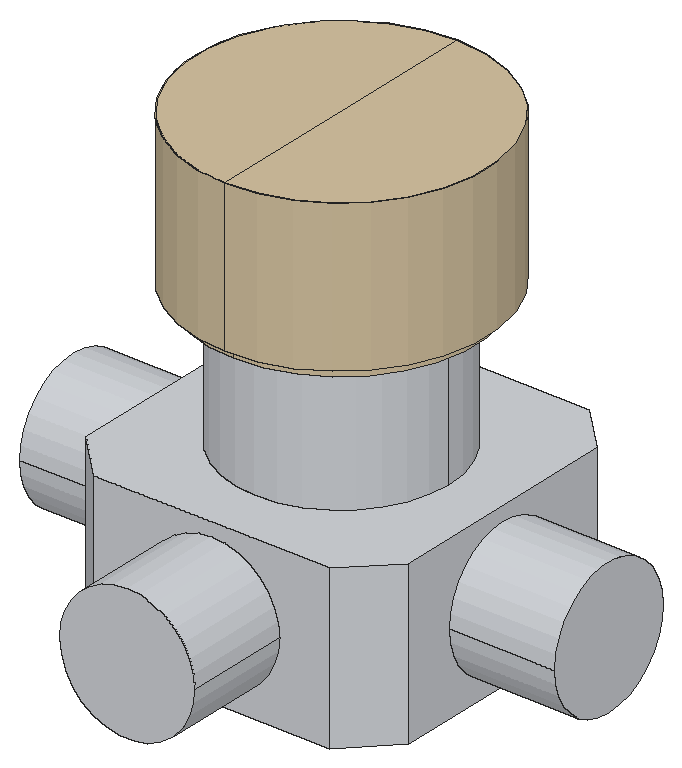
Revit family "Reece_Tap_Milli_Pure_Diverter_Wall Mount_Linear Texture", category Plumbing Fixtures, host Face, Revit 2018
Family settings
  Host = Face
  Round Connector Dimension = Use Diameter
  Part Type = Normal
  Cut with Voids When Loaded = No
  Shared = Yes
  Room Calculation Point = Yes
Parameters (values of type "PVD Brushed Gold")
  WFU = 0  # constant formula
  URL = "https://www.reece.com.au/product/-9510931"
  Type Comments = "Tap"
  Reece_Tap_Inlet = 12 mm  # constant formula
  Reece_Product_Web Page = "https://www.reece.com.au/product/-9510931"
  Reece_Product_Type = "Tap"  # constant formula
  Reece_Product_Sub Brand = "Pure"  # constant formula
  Reece_Product_Number = "9510931"
  Reece_Product_Mount = "Wall Mounted"
  Reece_Product_Description = "Milli Pure Diverter with Linear Textured Handle PVD Brushed Gold"
  Reece_Product_Brand = "Milli"  # constant formula
  Reece_Overall_Width = 54 mm  # constant formula
  Reece_Overall_Height = 30 mm  # constant formula
  Reece_Material_Secondary = Reece_PVD_Brushed Gold_Linear Pattern
  Reece_Material-Main = Reece_PVD_Brushed Gold
  Reece_Detail_Tap_Handle Texture = "Linear Texture"  # constant formula
  Reece_Detail_Installation = ""
  Reece_Detail_Disclaimer = "THIS FILE IS THE PROPERTY OF THE REECE GROUP. IT MAY NOT BE REPRODUCED, REVERSE-ENGINEERED OR MODIFIED. ANY REPUBLICATION, TRANSMISSION OR DISTRIBUTION FOR THE PURPOSE OF COMMERCIALLY EXPLOITING THE FILES IS PROHIBITED."  # constant formula
  Reece_Detail_Connector = ""
  Reece_Detail_Additional = ""
  Reece_3D Texture = no
  Reece_3D Simplified Geometry = not(Reece_3D Texture)  # yes
  Model = "Pure"
  Manufacturer = "Milli"
  Keynote = "Product #9510931, Reece_Tap_Milli_Pure_Diverter_Wall Mount_Linear Texture - PVD Brushed Gold"
  HWFU = 0  # constant formula
  Disclaimer = "THIS FILE IS THE PROPERTY OF THE REECE GROUP. IT MAY NOT BE REPRODUCED, REVERSE-ENGINEERED OR MODIFIED. ANY REPUBLICATION, TRANSMISSION OR DISTRIBUTION FOR THE PURPOSE OF COMMERCIALLY EXPLOITING THE FILES IS PROHIBITED."  # constant formula
  Description = "Milli Pure Diverter with Linear Textured Handle PVD Brushed Gold"
  Default Elevation = 1000 mm
  CWFU = 0  # constant formula
Types (7, lengths in mm): name | URL | Reece_Product_Web Page | Reece_Product_Number | Reece_Product_Description | Reece_Material_Secondary | Reece_Material-Main | Keynote | Description
  (no name) | "https://www.reece.com.au/product/-2263505" | "https://www.reece.com.au/product/-2263505" | "2263505" | "Milli Pure Diverter with Linear Textured Handle Brushed Gunmetal" | Reece_Brass_Brushed Gunmetal_Linear Pattern | Reece_Brass_Brushed Gunmetal | "Product #2263505, Reece_Tap_Milli_Pure_Diverter_Wall Mount_Linear Texture -  " | "Milli Pure Diverter with Linear Textured Handle Brushed Gunmetal"
  Brushed Gunmetal | "https://www.reece.com.au/product/-2263505" | "https://www.reece.com.au/product/-2263505" | "2263505" | "Milli Pure Diverter with Linear Textured Handle Brushed Gunmetal" | Reece_Brass_Brushed Gunmetal_Linear Pattern | Reece_Brass_Brushed Gunmetal | "Product #2263505, Reece_Tap_Milli_Pure_Diverter_Wall Mount_Linear Texture - Brushed Gunmetal" | "Milli Pure Diverter with Linear Textured Handle Brushed Gunmetal"
  Chrome | "https://www.reece.com.au/product/-2263503" | "https://www.reece.com.au/product/-2263503" | "2263503" | "Milli Pure Diverter with Linear Textured Handle Chrome" | Reece_Brass_Chrome_Linear Pattern | Reece_Brass_Chrome | "Product #2263503, Reece_Tap_Milli_Pure_Diverter_Wall Mount_Linear Texture - Chrome" | "Milli Pure Diverter with Linear Textured Handle Chrome"
  Matte Black | "https://www.reece.com.au/product/-2263506" | "https://www.reece.com.au/product/-2263506" | "2263506" | "Milli Pure Diverter with Linear Textured Handle Matte Black" | Reece_Brass_Matte Black_Linear Pattern | Reece_Brass_Matte Black | "Product #2263506, Reece_Tap_Milli_Pure_Diverter_Wall Mount_Linear Texture - Matte Black" | "Milli Pure Diverter with Linear Textured Handle Matte Black"
  Brushed Nickel | "https://www.reece.com.au/product/-2263504" | "https://www.reece.com.au/product/-2263504" | "2263504" | "Milli Pure Diverter with Linear Textured Handle Brushed Nickel" | Reece_Brass_Brushed Nickel_Linear Pattern | Reece_Brass_Brushed Nickel | "Product #2263504, Reece_Tap_Milli_Pure_Diverter_Wall Mount_Linear Texture - Brushed Nickel" | "Milli Pure Diverter with Linear Textured Handle Brushed Nickel"
  PVD Brushed Bronze | "https://www.reece.com.au/product/-9511116" | "https://www.reece.com.au/product/-9511116" | "9511116" | "Milli Pure Diverter with Linear Textured Handle PVD Brushed Bronze" | Reece_PVD_Brushed Bronze_Linear Pattern | Reece_PVD_Brushed Bronze | "Product #9511116, Reece_Tap_Milli_Pure_Diverter_Wall Mount_Linear Texture - PVD Brushed Bronze" | "Milli Pure Diverter with Linear Textured Handle PVD Brushed Bronze"
  PVD Brushed Gold | "https://www.reece.com.au/product/-9510931" | "https://www.reece.com.au/product/-9510931" | "9510931" | "Milli Pure Diverter with Linear Textured Handle PVD Brushed Gold" | Reece_PVD_Brushed Gold_Linear Pattern | Reece_PVD_Brushed Gold | "Product #9510931, Reece_Tap_Milli_Pure_Diverter_Wall Mount_Linear Texture - PVD Brushed Gold" | "Milli Pure Diverter with Linear Textured Handle PVD Brushed Gold"
Reference planes
  plane 1 "Center (Front/Back)": y = 0
  plane 2 "Bottom": z = 0
  plane 3 "Center (Left/Right)": x = 0
  plane 4 "Top": z = 30
  plane 5: y = -27
  plane 6: y = 27
Forms (mm)
  Extrusion 1, solid
    sketch origin (-50, 0, 0) x (1, 0, 0) y (0, 1, 0)
      loop
        circle (50, 0) r 20
    from 0 to -25
  Extrusion 2, solid
    sketch origin (-50, 0, 0) x (1, 0, 0) y (0, 1, 0)
      loop
        line (28.147, 30) -> (20, 21.853) -> (20, -21.853) -> (28.147, -30) -> (71.853, -30) -> (80, -21.853) -> (80, 21.853) -> (71.853, 30) -> (28.147, 30)
    from -55 to -25
  Extrusion 3, solid
    sketch origin (-16.5, 50, 0) x (0, -1, 0) y (0, 0, 1)
      loop
        circle (50, -40) r 12.5
    from -66.119 to -46.5
  Extrusion 4, void
    sketch origin (50, 0, 0) x (-1, 0, 0) y (0, -1, 0)
      loop
        circle (50, 0) r 25
    from 0 to -30
  Extrusion 5, solid
    sketch origin (16.5, 50, 0) x (0, -1, 0) y (0, 0, -1)
      loop
        circle (50, 40) r 12.5
    from -66.119 to -46.5
  Extrusion 6, solid
    sketch origin (-50, 16.5, 0) x (1, 0, 0) y (0, 0, -1)
      loop
        circle (50, 40) r 12.5
    from -66.119 to -46.5
Cuts and joins
  Extrusion 4 cuts Extrusion 3
  joined: Extrusion 1, Extrusion 2, Extrusion 3, Extrusion 5, Extrusion 6
Text (mm)
  text "Reece Copyright © 2018, Reece Ltd." at (-1146.244, -273.583, 0), in view "Ref. Level"
  text "Reece ©" at (19.63, 197.846, 155.994), in view "Reece Preview"
Dimensions and locks
  "Reece_Overall_Width": plane 6 to plane 5
  "Reece_Overall_Height": plane 4 "Top" to plane 2 "Bottom"
  aligned and locked: plane 2 "Bottom" to host face
  aligned and locked: level to host face
Automatic sketch dimensions
  host sketch curve to host sketch curve = 380.785 mm
  host sketch curve to host sketch curve = 317.421 mm
  Extrusion 1 sketch curve to Extrusion 1 sketch curve = 0 mm  (x2)
  plane 1 "Center (Front/Back)" to Extrusion 1 sketch curve = 0 mm
  Extrusion 1 sketch curve to plane 3 "Center (Left/Right)" = 0 mm
  Extrusion 1 sketch curve to plane 3 "Center (Left/Right)" = 20 mm
  Extrusion 2 sketch curve to plane 5 = 5.147 mm  (x2)
  Extrusion 2 sketch curve to plane 3 "Center (Left/Right)" = 30 mm
  plane 6 to Extrusion 2 sketch curve = 3 mm
  Extrusion 2 sketch curve to Extrusion 2 sketch curve = 8.147 mm  (x3)
  plane 5 to Extrusion 2 sketch curve = 3 mm
  plane 3 "Center (Left/Right)" to Extrusion 2 sketch curve = 21.853 mm  (x2)
  Extrusion 2 sketch curve to plane 6 = 5.147 mm  (x2)
  Extrusion 3 sketch curve to plane 1 "Center (Front/Back)" = 0 mm
  Extrusion 3 sketch curve to level = 40 mm
  Extrusion 4 sketch curve to Extrusion 4 sketch curve = 0 mm  (x2)
  plane 1 "Center (Front/Back)" to Extrusion 4 sketch curve = 0 mm
  Extrusion 4 sketch curve to plane 3 "Center (Left/Right)" = 0 mm
  Extrusion 4 sketch curve to Extrusion 4 sketch curve = 25 mm
  Extrusion 5 sketch curve to plane 1 "Center (Front/Back)" = 0 mm
  Extrusion 5 sketch curve to level = 40 mm
  Extrusion 6 sketch curve to plane 3 "Center (Left/Right)" = 0 mm
  Extrusion 6 sketch curve to level = 40 mm
  radius of Extrusion 3 sketch curve = 12.5 mm
  radius of Extrusion 5 sketch curve = 12.5 mm
  radius of Extrusion 6 sketch curve = 12.5 mm
Nested families
  nested 1: "Reece_Tap_Milli_Pure_Diverter_Linear Texture_Cap_54mm" at (0, 0, 0), visible <- "Reece_3D Texture", Reece_Material-Main <- "Reece_Material-Main", Reece_Material_Secondary <- "Reece_Material_Secondary", type "54mm x 30mm"
    with Reece_Material_Secondary Reece_PVD_Brushed Gold_Linear Pattern, Reece_Material-Main Reece_PVD_Brushed Gold
  nested 2: "Reece_Tap_Milli_Pure_Diverter_Texture_Main_Nested" at (0, 0, 0), visible <- "Reece_3D Simplified Geometry", Reece_Material-Main <- "Reece_Material-Main", Reece_Material_Secondary <- "Reece_Material_Secondary", type "54mm x 30mm"
    with Reece_Material_Secondary Reece_PVD_Brushed Gold_Linear Pattern, Reece_Material-Main Reece_PVD_Brushed Gold
Connectors
  piping at (49.619, 0, -40), diameter 12, driven by "Reece_Tap_Inlet"
    settings: on cut or joined group of Extrusion 1, Extrusion 2, Extrusion 3, Extrusion 4, Extrusion 5, Extrusion 6, index 2, connector inside diameter 609.6 mm, connector length 0 mm, flow factor 0, pipe flow 0.0 L/s, pressure drop 0.0 Pa, fitting loss kfactor 0, connector angle 0.00°, fixture units 0, engagement length 0 mm, angle of deflection 0.00°, flow configuration 0, flow direction 2, fitting loss method 0, system type 29, joint type 0, gender type 0, connector reference index -1, connector utility 0, adjustable connector no, is connector primary yes, connector description ""
  piping at (-49.619, 0, -40), diameter 12, driven by "Reece_Tap_Inlet"
    settings: on Extrusion 5, index 3, connector inside diameter 609.6 mm, connector length 0 mm, flow factor 0, pipe flow 0.0 L/s, pressure drop 0.0 Pa, fitting loss kfactor 0, connector angle 0.00°, fixture units 0, engagement length 0 mm, angle of deflection 0.00°, flow configuration 0, flow direction 2, fitting loss method 0, system type 29, joint type 0, gender type 0, connector reference index -1, connector utility 0, adjustable connector no, is connector primary no, connector description ""
  piping at (0, -49.619, -40), diameter 12, driven by "Reece_Tap_Inlet"
    settings: on Extrusion 6, index 4, connector inside diameter 609.6 mm, connector length 0 mm, flow factor 0, pipe flow 0.0 L/s, pressure drop 0.0 Pa, fitting loss kfactor 0, connector angle 0.00°, fixture units 0, engagement length 0 mm, angle of deflection 0.00°, flow configuration 0, flow direction 1, fitting loss method 0, system type 29, joint type 0, gender type 0, connector reference index -1, connector utility 0, adjustable connector no, is connector primary no, connector description ""
Definition of nested family "Reece_Tap_Milli_Pure_Diverter_Linear Texture_Cap_54mm"
  Parameters (values of type "54mm x 30mm")
    WFU = 0  # constant formula
    Reece_Overall_Width = 54 mm
    Reece_Overall_Height = 30 mm  # constant formula
    Reece_Material_Secondary [instance] = none
    Reece_Material-Main [instance] = none
    Reece_Detail_Installation = ""
    Reece_Detail_Connector = ""
    Reece_Detail_Additional = ""
    HWFU = 0  # constant formula
    Default Elevation = 1000 mm
    CWFU = 0  # constant formula
  Reference planes
    plane 1 "Center (Front/Back)": y = 0
    plane 2 "Bottom": z = 0
    plane 3 "Center (Left/Right)": x = 0
    plane 4: y = -27
    plane 5: y = 27
    plane 6: z = 30
    plane 7: y = -25
    plane 8: y = 25
  Forms (mm)
    Extrusion 1, solid
      sketch origin (619.2, -619.2, 0) x (1, 0, 0) y (0, 1, 0)
        loop
          line (-809.2, 779.2) -> (-809.2, 461.779) -> (-428.415, 461.779) -> (-428.415, 779.2) -> (-809.2, 779.2)
      from 0 to -9.564
    Revolve 2, solid, material <- "Reece_Material-Main"
      sketch origin (0, 0, -140.292) x (0, 1, 0) y (0, 0, 1)
        loop
          line (0, 148.292) -> (-27, 148.292) -> (-27, 142.292) -> (-25, 142.292) -> (-25, 140.292) -> (-23, 140.292) -> (-23, 144.803) -> (0, 144.803) -> (0, 148.292)
        axis (0, 140.292) -> (0, 148.292)
      angle from 0 to 360
    Extrusion 3, solid, material <- "Reece_Material-Main"
      sketch origin (300, 0, 0) x (1, 0, 0) y (0, 1, 0)
        loop
          arc (-300.346, 25.998) -> (-301.404, 26.964) -> (-302.355, 25.893) r 1.006
          arc (-302.355, 25.893) -> (-303.484, 26.774) -> (-304.35, 25.633) r 1.006
          arc (-304.35, 25.633) -> (-305.544, 26.425) -> (-306.32, 25.22) r 1.006
          arc (-306.32, 25.22) -> (-307.571, 25.917) -> (-308.251, 24.656) r 1.006
          arc (-308.251, 24.656) -> (-309.553, 25.254) -> (-310.133, 23.944) r 1.006
          arc (-310.133, 23.944) -> (-311.477, 24.439) -> (-311.954, 23.089) r 1.006
          arc (-311.954, 23.089) -> (-313.332, 23.479) -> (-313.704, 22.095) r 1.006
          arc (-313.704, 22.095) -> (-315.108, 22.377) -> (-315.371, 20.97) r 1.006
          arc (-315.371, 20.97) -> (-316.793, 21.142) -> (-316.947, 19.718) r 1.006
          arc (-316.947, 19.718) -> (-318.378, 19.78) -> (-318.421, 18.349) r 1.006
          arc (-318.421, 18.349) -> (-319.852, 18.3) -> (-319.785, 16.869) r 1.006
          arc (-319.785, 16.869) -> (-321.208, 16.71) -> (-321.03, 15.289) r 1.006
          arc (-321.03, 15.289) -> (-322.437, 15.02) -> (-322.149, 13.617) r 1.006
          arc (-322.149, 13.617) -> (-323.531, 13.24) -> (-323.136, 11.863) r 1.006
          arc (-323.136, 11.863) -> (-324.484, 11.381) -> (-323.984, 10.039) r 1.006
          arc (-323.984, 10.039) -> (-325.291, 9.453) -> (-324.688, 8.154) r 1.006
          arc (-324.688, 8.154) -> (-325.946, 7.469) -> (-325.245, 6.22) r 1.006
          arc (-325.245, 6.22) -> (-326.446, 5.44) -> (-325.65, 4.25) r 1.006
          arc (-325.65, 4.25) -> (-326.788, 3.379) -> (-325.902, 2.253) r 1.006
          arc (-325.902, 2.253) -> (-326.969, 1.298) -> (-325.999, 0.244) r 1.006
          arc (-325.999, 0.244) -> (-326.988, -0.792) -> (-325.94, -1.767) r 1.006
          arc (-325.94, -1.767) -> (-326.846, -2.876) -> (-325.726, -3.768) r 1.006
          arc (-325.726, -3.768) -> (-326.544, -4.944) -> (-325.357, -5.746) r 1.006
          arc (-325.357, -5.746) -> (-326.082, -6.982) -> (-324.837, -7.69) r 1.006
          arc (-324.837, -7.69) -> (-325.464, -8.978) -> (-324.168, -9.587) r 1.006
          arc (-324.168, -9.587) -> (-324.693, -10.92) -> (-323.354, -11.427) r 1.006
          arc (-323.354, -11.427) -> (-323.775, -12.797) -> (-322.4, -13.199) r 1.006
          arc (-322.4, -13.199) -> (-322.714, -14.597) -> (-321.313, -14.892) r 1.006
          arc (-321.313, -14.892) -> (-321.518, -16.309) -> (-320.097, -16.495) r 1.006
          arc (-320.097, -16.495) -> (-320.192, -17.925) -> (-318.762, -18) r 1.006
          arc (-318.762, -18) -> (-318.745, -19.432) -> (-317.313, -19.397) r 1.006
          arc (-317.313, -19.397) -> (-317.187, -20.824) -> (-315.762, -20.678) r 1.006
          arc (-315.762, -20.678) -> (-315.525, -22.09) -> (-314.116, -21.835) r 1.006
          arc (-314.116, -21.835) -> (-313.77, -23.225) -> (-312.385, -22.861) r 1.006
          arc (-312.385, -22.861) -> (-311.933, -24.22) -> (-310.58, -23.75) r 1.006
          arc (-310.58, -23.75) -> (-310.024, -25.07) -> (-308.712, -24.497) r 1.006
          arc (-308.712, -24.497) -> (-308.056, -25.77) -> (-306.791, -25.097) r 1.006
          arc (-306.791, -25.097) -> (-306.039, -26.316) -> (-304.83, -25.547) r 1.006
          arc (-304.83, -25.547) -> (-303.986, -26.704) -> (-302.84, -25.844) r 1.006
          arc (-302.84, -25.844) -> (-301.909, -26.932) -> (-300.833, -25.987) r 1.006
          arc (-300.833, -25.987) -> (-299.82, -26.999) -> (-298.821, -25.973) r 1.006
          arc (-298.821, -25.973) -> (-297.733, -26.905) -> (-296.816, -25.804) r 1.006
          arc (-296.816, -25.804) -> (-295.659, -26.649) -> (-294.83, -25.481) r 1.006
          arc (-294.83, -25.481) -> (-293.612, -26.233) -> (-292.875, -25.005) r 1.006
          arc (-292.875, -25.005) -> (-291.602, -25.661) -> (-290.963, -24.379) r 1.006
          arc (-290.963, -24.379) -> (-289.643, -24.935) -> (-289.105, -23.607) r 1.006
          arc (-289.105, -23.607) -> (-287.746, -24.059) -> (-287.312, -22.694) r 1.006
          arc (-287.312, -22.694) -> (-285.922, -23.039) -> (-285.595, -21.645) r 1.006
          arc (-285.595, -21.645) -> (-284.183, -21.882) -> (-283.965, -20.466) r 1.006
          arc (-283.965, -20.466) -> (-282.538, -20.593) -> (-282.43, -19.165) r 1.006
          arc (-282.43, -19.165) -> (-280.998, -19.181) -> (-281.001, -17.749) r 1.006
          arc (-281.001, -17.749) -> (-279.571, -17.654) -> (-279.685, -16.227) r 1.006
          arc (-279.685, -16.227) -> (-278.267, -16.022) -> (-278.491, -14.607) r 1.006
          arc (-278.491, -14.607) -> (-277.094, -14.293) -> (-277.426, -12.9) r 1.006
          arc (-277.426, -12.9) -> (-276.057, -12.479) -> (-276.496, -11.116) r 1.006
          arc (-276.496, -11.116) -> (-275.164, -10.59) -> (-275.707, -9.265) r 1.006
          arc (-275.707, -9.265) -> (-274.419, -8.638) -> (-275.063, -7.359) r 1.006
          arc (-275.063, -7.359) -> (-273.828, -6.634) -> (-274.569, -5.408) r 1.006
          arc (-274.569, -5.408) -> (-273.393, -4.59) -> (-274.227, -3.426) r 1.006
          arc (-274.227, -3.426) -> (-273.118, -2.519) -> (-274.039, -1.422) r 1.006
          arc (-274.039, -1.422) -> (-273.003, -0.433) -> (-274.007, 0.59) r 1.006
          arc (-274.007, 0.59) -> (-273.051, 1.656) -> (-274.13, 2.598) r 1.006
          arc (-274.13, 2.598) -> (-273.26, 3.735) -> (-274.408, 4.591) r 1.006
          arc (-274.408, 4.591) -> (-273.629, 5.792) -> (-274.84, 6.556) r 1.006
          arc (-274.84, 6.556) -> (-274.155, 7.814) -> (-275.422, 8.482) r 1.006
          arc (-275.422, 8.482) -> (-274.837, 9.789) -> (-276.152, 10.357) r 1.006
          arc (-276.152, 10.357) -> (-275.669, 11.705) -> (-277.024, 12.17) r 1.006
          arc (-277.024, 12.17) -> (-276.647, 13.552) -> (-278.034, 13.91) r 1.006
          arc (-278.034, 13.91) -> (-277.765, 15.317) -> (-279.175, 15.567) r 1.006
          arc (-279.175, 15.567) -> (-279.016, 16.991) -> (-280.442, 17.131) r 1.006
          arc (-280.442, 17.131) -> (-280.393, 18.562) -> (-281.825, 18.592) r 1.006
          arc (-281.825, 18.592) -> (-281.887, 20.023) -> (-283.317, 19.942) r 1.006
          arc (-283.317, 19.942) -> (-283.49, 21.364) -> (-284.909, 21.172) r 1.006
          arc (-284.909, 21.172) -> (-285.191, 22.576) -> (-286.591, 22.276) r 1.006
          arc (-286.591, 22.276) -> (-286.981, 23.654) -> (-288.354, 23.246) r 1.006
          arc (-288.354, 23.246) -> (-288.849, 24.59) -> (-290.187, 24.077) r 1.006
          arc (-290.187, 24.077) -> (-290.784, 25.379) -> (-292.078, 24.764) r 1.006
          arc (-292.078, 24.764) -> (-292.774, 26.015) -> (-294.016, 25.302) r 1.006
          arc (-294.016, 25.302) -> (-294.808, 26.496) -> (-295.991, 25.689) r 1.006
          arc (-295.991, 25.689) -> (-296.872, 26.818) -> (-297.989, 25.922) r 1.006
          arc (-297.989, 25.922) -> (-299.135, 26.971) -> (-300.346, 25.998) r 1.193
      from 8 to 30
  Text (mm)
    text "Reece Copyright © 2018, Reece Ltd." at (-1403.988, -1192.393, 0), in view "Ref. Level"
    text "Reece ©" at (44.384, 258.95, 192.345), in view "Reece Preview"
  Dimensions and locks
    equal spacing: plane 5, plane 1 "Center (Front/Back)", plane 4
    "Reece_Overall_Width": plane 5 to plane 4
    "Reece_Overall_Height": plane 6 to plane 2 "Bottom"
    locked: plane 7 to plane 4 at 2
    locked: plane 5 to plane 8 at 2
    aligned and locked: plane 2 "Bottom" to Extrusion 1
    aligned and locked: level to Extrusion 1
  Automatic sketch dimensions
    Extrusion 1 sketch curve to Extrusion 1 sketch curve = 380.785 mm
    Extrusion 1 sketch curve to Extrusion 1 sketch curve = 317.421 mm
    Revolve 2 sketch curve to plane 4 = 0 mm
    level to Revolve 2 sketch curve = 0 mm
    Revolve 2 sketch curve to plane 7 = 0 mm
    Revolve 2 sketch curve to plane 1 "Center (Front/Back)" = 0 mm  (x2)
    plane 7 to Revolve 2 sketch curve = 2 mm
    level to Revolve 2 sketch curve = 2 mm
    level to Revolve 2 sketch curve = 4.511 mm
    Revolve 2 sketch curve to Revolve 2 sketch curve = 3.489 mm
    plane 6 to Revolve 2 sketch curve = 17.996 mm
    Revolve 2 sketch curve to Revolve 2 sketch curve = 3.712 mm
    plane 1 "Center (Front/Back)" to Extrusion 3 sketch curve = 0.762 mm
    Extrusion 3 sketch curve to plane 3 "Center (Left/Right)" = 25.983 mm
    Extrusion 3 sketch curve to plane 1 "Center (Front/Back)" = 1.249 mm
    Extrusion 3 sketch curve to Extrusion 3 sketch curve = 0.019 mm
    Extrusion 3 sketch curve to Extrusion 3 sketch curve = 0.137 mm
    Extrusion 3 sketch curve to Extrusion 3 sketch curve = 0.174 mm
    Extrusion 3 sketch curve to Extrusion 3 sketch curve = 0.292 mm
    Extrusion 3 sketch curve to Extrusion 3 sketch curve = 0.329 mm
    Extrusion 3 sketch curve to Extrusion 3 sketch curve = 0.445 mm
    Extrusion 3 sketch curve to Extrusion 3 sketch curve = 0.481 mm
    Extrusion 3 sketch curve to Extrusion 3 sketch curve = 0.595 mm
    Extrusion 3 sketch curve to Extrusion 3 sketch curve = 0.631 mm
    Extrusion 3 sketch curve to Extrusion 3 sketch curve = 0.742 mm
    Extrusion 3 sketch curve to Extrusion 3 sketch curve = 0.777 mm
    Extrusion 3 sketch curve to Extrusion 3 sketch curve = 0.884 mm
    Extrusion 3 sketch curve to Extrusion 3 sketch curve = 0.918 mm
    Extrusion 3 sketch curve to Extrusion 3 sketch curve = 1.021 mm
    Extrusion 3 sketch curve to Extrusion 3 sketch curve = 1.054 mm
    Extrusion 3 sketch curve to Extrusion 3 sketch curve = 1.152 mm
    Extrusion 3 sketch curve to Extrusion 3 sketch curve = 1.183 mm
    Extrusion 3 sketch curve to Extrusion 3 sketch curve = 1.276 mm
    Extrusion 3 sketch curve to Extrusion 3 sketch curve = 1.305 mm
    Extrusion 3 sketch curve to Extrusion 3 sketch curve = 1.393 mm
    Extrusion 3 sketch curve to Extrusion 3 sketch curve = 1.42 mm
    Extrusion 3 sketch curve to Extrusion 3 sketch curve = 1.501 mm
    Extrusion 3 sketch curve to Extrusion 3 sketch curve = 1.526 mm
    Extrusion 3 sketch curve to Extrusion 3 sketch curve = 1.6 mm
    Extrusion 3 sketch curve to Extrusion 3 sketch curve = 1.622 mm
    Extrusion 3 sketch curve to Extrusion 3 sketch curve = 1.689 mm
    Extrusion 3 sketch curve to Extrusion 3 sketch curve = 1.709 mm
    plane 7 to Extrusion 3 sketch curve = 1.683 mm
    Extrusion 3 sketch curve to Extrusion 3 sketch curve = 1.769 mm
    plane 8 to Extrusion 3 sketch curve = 1.471 mm
    Extrusion 3 sketch curve to Extrusion 3 sketch curve = 1.786 mm
    plane 7 to Extrusion 3 sketch curve = 0.864 mm
    Extrusion 3 sketch curve to Extrusion 3 sketch curve = 1.838 mm
    plane 8 to Extrusion 3 sketch curve = 0.687 mm
    Extrusion 3 sketch curve to Extrusion 3 sketch curve = 1.853 mm
    plane 7 to Extrusion 3 sketch curve = 0.19 mm
    Extrusion 3 sketch curve to Extrusion 3 sketch curve = 1.895 mm
    plane 8 to Extrusion 3 sketch curve = 0.049 mm
    Extrusion 3 sketch curve to Extrusion 3 sketch curve = 1.908 mm
    Extrusion 3 sketch curve to plane 7 = 0.335 mm
    Extrusion 3 sketch curve to Extrusion 3 sketch curve = 1.942 mm
    Extrusion 3 sketch curve to plane 8 = 0.44 mm
    Extrusion 3 sketch curve to Extrusion 3 sketch curve = 1.951 mm
    Extrusion 3 sketch curve to Extrusion 3 sketch curve = 1.977 mm
    Extrusion 3 sketch curve to Extrusion 3 sketch curve = 1.983 mm
    Extrusion 3 sketch curve to Extrusion 3 sketch curve = 2 mm
    Extrusion 3 sketch curve to plane 8 = 0.959 mm
    Extrusion 3 sketch curve to Extrusion 3 sketch curve = 2.003 mm
    Extrusion 3 sketch curve to Extrusion 3 sketch curve = 2.011 mm
    Extrusion 3 sketch curve to Extrusion 3 sketch curve = 2.178 mm
    Extrusion 3 sketch curve to plane 7 = 0.902 mm
    Extrusion 3 sketch curve to Extrusion 3 sketch curve = 2.01 mm
    Extrusion 3 sketch curve to Extrusion 3 sketch curve = 2.185 mm
    Extrusion 3 sketch curve to Extrusion 3 sketch curve = 1.996 mm
    Extrusion 3 sketch curve to plane 8 = 0.509 mm
    Extrusion 3 sketch curve to Extrusion 3 sketch curve = 1.988 mm
    Extrusion 3 sketch curve to plane 7 = 0.256 mm
    Extrusion 3 sketch curve to Extrusion 3 sketch curve = 1.971 mm
    Extrusion 3 sketch curve to plane 8 = 0.046 mm
    Extrusion 3 sketch curve to Extrusion 3 sketch curve = 1.958 mm
    plane 7 to Extrusion 3 sketch curve = 0.295 mm
    Extrusion 3 sketch curve to Extrusion 3 sketch curve = 1.935 mm
    plane 8 to Extrusion 3 sketch curve = 0.567 mm
    Extrusion 3 sketch curve to Extrusion 3 sketch curve = 1.916 mm
    plane 7 to Extrusion 3 sketch curve = 0.995 mm
    Extrusion 3 sketch curve to Extrusion 3 sketch curve = 1.886 mm
    plane 8 to Extrusion 3 sketch curve = 1.326 mm
    Extrusion 3 sketch curve to Extrusion 3 sketch curve = 1.863 mm
    Extrusion 3 sketch curve to Extrusion 3 sketch curve = 1.826 mm
    Extrusion 3 sketch curve to Extrusion 3 sketch curve = 1.799 mm
    Extrusion 3 sketch curve to Extrusion 3 sketch curve = 1.756 mm
    Extrusion 3 sketch curve to Extrusion 3 sketch curve = 1.723 mm
    Extrusion 3 sketch curve to Extrusion 3 sketch curve = 1.675 mm
    Extrusion 3 sketch curve to Extrusion 3 sketch curve = 1.638 mm
    Extrusion 3 sketch curve to Extrusion 3 sketch curve = 1.583 mm
    Extrusion 3 sketch curve to Extrusion 3 sketch curve = 1.543 mm
    Extrusion 3 sketch curve to Extrusion 3 sketch curve = 1.483 mm
    Extrusion 3 sketch curve to Extrusion 3 sketch curve = 1.438 mm
    Extrusion 3 sketch curve to Extrusion 3 sketch curve = 1.373 mm
    Extrusion 3 sketch curve to Extrusion 3 sketch curve = 1.325 mm
    Extrusion 3 sketch curve to Extrusion 3 sketch curve = 1.255 mm
    Extrusion 3 sketch curve to Extrusion 3 sketch curve = 1.204 mm
    Extrusion 3 sketch curve to Extrusion 3 sketch curve = 1.13 mm
    Extrusion 3 sketch curve to Extrusion 3 sketch curve = 1.076 mm
    Extrusion 3 sketch curve to Extrusion 3 sketch curve = 0.998 mm
    Extrusion 3 sketch curve to Extrusion 3 sketch curve = 0.942 mm
    Extrusion 3 sketch curve to Extrusion 3 sketch curve = 0.86 mm
    Extrusion 3 sketch curve to Extrusion 3 sketch curve = 0.801 mm
    Extrusion 3 sketch curve to Extrusion 3 sketch curve = 0.717 mm
    Extrusion 3 sketch curve to Extrusion 3 sketch curve = 0.656 mm
    Extrusion 3 sketch curve to Extrusion 3 sketch curve = 0.569 mm
    Extrusion 3 sketch curve to Extrusion 3 sketch curve = 0.507 mm
    Extrusion 3 sketch curve to Extrusion 3 sketch curve = 0.418 mm
    Extrusion 3 sketch curve to Extrusion 3 sketch curve = 0.355 mm
    Extrusion 3 sketch curve to Extrusion 3 sketch curve = 0.265 mm  (x2)
    Extrusion 3 sketch curve to plane 1 "Center (Front/Back)" = 1.595 mm
    Extrusion 3 sketch curve to Extrusion 3 sketch curve = 0.201 mm
    plane 1 "Center (Front/Back)" to Extrusion 3 sketch curve = 0.417 mm
    Extrusion 3 sketch curve to Extrusion 3 sketch curve = 0.046 mm
    Extrusion 3 sketch curve to plane 7 = 0.929 mm
    Extrusion 3 sketch curve to plane 7 = 0.993 mm
    Extrusion 3 sketch curve to plane 7 = 0.709 mm
    Extrusion 3 sketch curve to plane 7 = 0.656 mm
    plane 7 to Extrusion 3 sketch curve = 1.837 mm
    Extrusion 3 sketch curve to Extrusion 3 sketch curve = 0.958 mm
    Extrusion 3 sketch curve to Extrusion 3 sketch curve = 0.982 mm
    Extrusion 3 sketch curve to Extrusion 3 sketch curve = 1.092 mm
    Extrusion 3 sketch curve to Extrusion 3 sketch curve = 1.114 mm
    Extrusion 3 sketch curve to Extrusion 3 sketch curve = 1.219 mm
    Extrusion 3 sketch curve to Extrusion 3 sketch curve = 1.241 mm
    Extrusion 3 sketch curve to Extrusion 3 sketch curve = 1.34 mm
    Extrusion 3 sketch curve to Extrusion 3 sketch curve = 1.359 mm
    Extrusion 3 sketch curve to Extrusion 3 sketch curve = 1.452 mm
    Extrusion 3 sketch curve to Extrusion 3 sketch curve = 1.47 mm
    Extrusion 3 sketch curve to Extrusion 3 sketch curve = 1.555 mm
    Extrusion 3 sketch curve to Extrusion 3 sketch curve = 1.572 mm
    Extrusion 3 sketch curve to Extrusion 3 sketch curve = 1.649 mm
    Extrusion 3 sketch curve to Extrusion 3 sketch curve = 1.664 mm
    Extrusion 3 sketch curve to Extrusion 3 sketch curve = 1.733 mm
    Extrusion 3 sketch curve to Extrusion 3 sketch curve = 1.747 mm
    Extrusion 3 sketch curve to Extrusion 3 sketch curve = 1.807 mm
    Extrusion 3 sketch curve to Extrusion 3 sketch curve = 1.818 mm
    Extrusion 3 sketch curve to Extrusion 3 sketch curve = 1.87 mm
    Extrusion 3 sketch curve to Extrusion 3 sketch curve = 1.88 mm
    Extrusion 3 sketch curve to Extrusion 3 sketch curve = 1.922 mm
    Extrusion 3 sketch curve to Extrusion 3 sketch curve = 1.929 mm
    Extrusion 3 sketch curve to Extrusion 3 sketch curve = 1.962 mm
    Extrusion 3 sketch curve to Extrusion 3 sketch curve = 1.968 mm
    Extrusion 3 sketch curve to Extrusion 3 sketch curve = 2.007 mm
    Extrusion 3 sketch curve to Extrusion 3 sketch curve = 2.009 mm
    Extrusion 3 sketch curve to Extrusion 3 sketch curve = 2.004 mm
    Extrusion 3 sketch curve to Extrusion 3 sketch curve = 2.002 mm
    Extrusion 3 sketch curve to Extrusion 3 sketch curve = 1.985 mm
    Extrusion 3 sketch curve to Extrusion 3 sketch curve = 1.98 mm
    Extrusion 3 sketch curve to Extrusion 3 sketch curve = 1.953 mm
    Extrusion 3 sketch curve to Extrusion 3 sketch curve = 1.947 mm
    Extrusion 3 sketch curve to Extrusion 3 sketch curve = 1.91 mm
    Extrusion 3 sketch curve to Extrusion 3 sketch curve = 1.902 mm
    Extrusion 3 sketch curve to Extrusion 3 sketch curve = 1.856 mm
    Extrusion 3 sketch curve to Extrusion 3 sketch curve = 1.845 mm
    Extrusion 3 sketch curve to Extrusion 3 sketch curve = 1.79 mm
    Extrusion 3 sketch curve to Extrusion 3 sketch curve = 1.778 mm
    Extrusion 3 sketch curve to Extrusion 3 sketch curve = 1.714 mm
    Extrusion 3 sketch curve to Extrusion 3 sketch curve = 1.699 mm
    Extrusion 3 sketch curve to Extrusion 3 sketch curve = 1.627 mm
    Extrusion 3 sketch curve to Extrusion 3 sketch curve = 1.611 mm
    Extrusion 3 sketch curve to Extrusion 3 sketch curve = 1.531 mm
    Extrusion 3 sketch curve to Extrusion 3 sketch curve = 1.513 mm
    Extrusion 3 sketch curve to Extrusion 3 sketch curve = 1.425 mm
    Extrusion 3 sketch curve to Extrusion 3 sketch curve = 1.406 mm
    Extrusion 3 sketch curve to Extrusion 3 sketch curve = 1.311 mm
    Extrusion 3 sketch curve to Extrusion 3 sketch curve = 1.291 mm
    Extrusion 3 sketch curve to Extrusion 3 sketch curve = 1.189 mm
    Extrusion 3 sketch curve to Extrusion 3 sketch curve = 1.168 mm
    Extrusion 3 sketch curve to Extrusion 3 sketch curve = 1.06 mm
    Extrusion 3 sketch curve to Extrusion 3 sketch curve = 1.037 mm
    Extrusion 3 sketch curve to plane 8 = 0.777 mm
    Extrusion 3 sketch curve to plane 8 = 0.779 mm
    Extrusion 3 sketch curve to plane 8 = 0.819 mm
    Extrusion 3 sketch curve to Extrusion 3 sketch curve = 0.035 mm
    Extrusion 3 sketch curve to Extrusion 3 sketch curve = 0.094 mm
    Extrusion 3 sketch curve to Extrusion 3 sketch curve = 0.113 mm
    Extrusion 3 sketch curve to Extrusion 3 sketch curve = 0.12 mm
    Extrusion 3 sketch curve to Extrusion 3 sketch curve = 0.19 mm
    Extrusion 3 sketch curve to Extrusion 3 sketch curve = 0.247 mm
    Extrusion 3 sketch curve to Extrusion 3 sketch curve = 0.322 mm
    Extrusion 3 sketch curve to Extrusion 3 sketch curve = 0.291 mm
    Extrusion 3 sketch curve to Extrusion 3 sketch curve = 0.395 mm
    Extrusion 3 sketch curve to Extrusion 3 sketch curve = 0.365 mm
    Extrusion 3 sketch curve to Extrusion 3 sketch curve = 0.465 mm
    Extrusion 3 sketch curve to Extrusion 3 sketch curve = 0.436 mm
    Extrusion 3 sketch curve to Extrusion 3 sketch curve = 0.533 mm
    Extrusion 3 sketch curve to Extrusion 3 sketch curve = 0.549 mm
    Extrusion 3 sketch curve to Extrusion 3 sketch curve = 0.555 mm
    Extrusion 3 sketch curve to Extrusion 3 sketch curve = 0.571 mm
    Extrusion 3 sketch curve to Extrusion 3 sketch curve = 0.658 mm
    Extrusion 3 sketch curve to Extrusion 3 sketch curve = 0.633 mm
    Extrusion 3 sketch curve to Extrusion 3 sketch curve = 0.715 mm
    Extrusion 3 sketch curve to Extrusion 3 sketch curve = 0.692 mm
    Extrusion 3 sketch curve to Extrusion 3 sketch curve = 0.767 mm
    Extrusion 3 sketch curve to Extrusion 3 sketch curve = 0.779 mm
    Extrusion 3 sketch curve to Extrusion 3 sketch curve = 0.815 mm
    Extrusion 3 sketch curve to Extrusion 3 sketch curve = 0.826 mm
    Extrusion 3 sketch curve to Extrusion 3 sketch curve = 0.859 mm
    Extrusion 3 sketch curve to Extrusion 3 sketch curve = 0.868 mm
    Extrusion 3 sketch curve to Extrusion 3 sketch curve = 0.897 mm
    Extrusion 3 sketch curve to Extrusion 3 sketch curve = 0.905 mm
    Extrusion 3 sketch curve to Extrusion 3 sketch curve = 0.929 mm
    Extrusion 3 sketch curve to Extrusion 3 sketch curve = 0.916 mm
    plane 7 to Extrusion 3 sketch curve = 0.503 mm
    Extrusion 3 sketch curve to Extrusion 3 sketch curve = 0.956 mm
    plane 8 to Extrusion 3 sketch curve = 0.344 mm
    Extrusion 3 sketch curve to plane 7 = 0.097 mm
    Extrusion 3 sketch curve to plane 8 = 0.22 mm
    Extrusion 3 sketch curve to plane 7 = 0.547 mm
    Extrusion 3 sketch curve to plane 8 = 0.633 mm
    Extrusion 3 sketch curve to plane 7 = 0.844 mm
    Extrusion 3 sketch curve to plane 8 = 0.893 mm
    Extrusion 3 sketch curve to plane 7 = 0.987 mm
    Extrusion 3 sketch curve to plane 8 = 0.998 mm
    Extrusion 3 sketch curve to plane 7 = 0.973 mm
    Extrusion 3 sketch curve to plane 8 = 0.922 mm
    Extrusion 3 sketch curve to plane 7 = 0.804 mm
    Extrusion 3 sketch curve to plane 8 = 0.689 mm
    Extrusion 3 sketch curve to plane 7 = 0.481 mm
    Extrusion 3 sketch curve to plane 8 = 0.302 mm
    Extrusion 3 sketch curve to plane 7 = 0.005 mm
    plane 8 to Extrusion 3 sketch curve = 0.236 mm
    plane 7 to Extrusion 3 sketch curve = 0.621 mm
    plane 8 to Extrusion 3 sketch curve = 0.923 mm
    Extrusion 3 sketch curve to Extrusion 3 sketch curve = 0.903 mm
    Extrusion 3 sketch curve to Extrusion 3 sketch curve = 0.911 mm
    Extrusion 3 sketch curve to Extrusion 3 sketch curve = 0.865 mm
    Extrusion 3 sketch curve to Extrusion 3 sketch curve = 0.849 mm
    Extrusion 3 sketch curve to Extrusion 3 sketch curve = 0.851 mm
    Extrusion 3 sketch curve to Extrusion 3 sketch curve = 0.804 mm
    Extrusion 3 sketch curve to Extrusion 3 sketch curve = 0.807 mm
    Extrusion 3 sketch curve to Extrusion 3 sketch curve = 0.755 mm
    Extrusion 3 sketch curve to Extrusion 3 sketch curve = 0.759 mm
    Extrusion 3 sketch curve to Extrusion 3 sketch curve = 0.737 mm
    Extrusion 3 sketch curve to Extrusion 3 sketch curve = 0.668 mm
    Extrusion 3 sketch curve to Extrusion 3 sketch curve = 0.643 mm
    Extrusion 3 sketch curve to Extrusion 3 sketch curve = 0.648 mm
    Extrusion 3 sketch curve to Extrusion 3 sketch curve = 0.623 mm
    Extrusion 3 sketch curve to Extrusion 3 sketch curve = 0.544 mm
    Extrusion 3 sketch curve to Extrusion 3 sketch curve = 0.56 mm
    Extrusion 3 sketch curve to Extrusion 3 sketch curve = 0.477 mm
    Extrusion 3 sketch curve to Extrusion 3 sketch curve = 0.448 mm
    Extrusion 3 sketch curve to Extrusion 3 sketch curve = 0.453 mm
    Extrusion 3 sketch curve to Extrusion 3 sketch curve = 0.377 mm
    Extrusion 3 sketch curve to Extrusion 3 sketch curve = 0.382 mm
    Extrusion 3 sketch curve to Extrusion 3 sketch curve = 0.304 mm
    Extrusion 3 sketch curve to Extrusion 3 sketch curve = 0.309 mm
    Extrusion 3 sketch curve to Extrusion 3 sketch curve = 0.278 mm
    Extrusion 3 sketch curve to Extrusion 3 sketch curve = 0.184 mm
    Extrusion 3 sketch curve to Extrusion 3 sketch curve = 0.152 mm
    Extrusion 3 sketch curve to Extrusion 3 sketch curve = 0.158 mm
    Extrusion 3 sketch curve to Extrusion 3 sketch curve = 0.075 mm
    Extrusion 3 sketch curve to Extrusion 3 sketch curve = 0.029 mm
Definition of nested family "Reece_Tap_Milli_Pure_Diverter_Texture_Main_Nested"
  Parameters (values of type "54mm x 30mm")
    WFU = 0  # constant formula
    Reece_Overall_Width = 54 mm
    Reece_Overall_Height = 30 mm
    Reece_Material_Secondary [instance] = none
    Reece_Material-Main [instance] = none
    Reece_Detail_Installation = ""
    Reece_Detail_Connector = ""
    Reece_Detail_Additional = ""
    HWFU = 0  # constant formula
    Default Elevation = 1000 mm
    CWFU = 0  # constant formula
  Types (3, lengths in mm): name | Reece_Overall_Width | Reece_Overall_Height
    62mm x 30mm | 62 | 30
    60mm x 28mm | 60 | 28
    54mm x 30mm | 54 | 30
  Reference planes
    plane 1 "Center (Front/Back)": y = 0
    plane 2 "Bottom": z = 0
    plane 3 "Center (Left/Right)": x = 0
    plane 4: y = -27
    plane 5: y = 27
    plane 6: z = 30
    plane 7: y = -25
    plane 8: y = 25
    plane 9: z = 16
    plane 10: z = 2
  Forms (mm)
    Extrusion 1, solid
      sketch origin (619.2, -619.2, 0) x (1, 0, 0) y (0, 1, 0)
        loop
          line (-809.2, 779.2) -> (-809.2, 461.779) -> (-428.415, 461.779) -> (-428.415, 779.2) -> (-809.2, 779.2)
      from 0 to -9.564
    Revolve 2, solid, material <- "Reece_Material_Secondary"
      sketch origin (0, 50, 0) x (0, -1, 0) y (0, 0, 1)
        loop
          line (50, 0) -> (75, 0) -> (75, 2) -> (77, 2) -> (77, 30) -> (75, 28) -> (50, 28) -> (50, 0)
        axis (50, 0) -> (50, 30)
      angle from 0 to 360
    Revolve 3, solid, material <- "Reece_Material-Main"
      sketch origin (0, 50, 0) x (0, -1, 0) y (0, 0, 1)
        loop
          line (77, 30) -> (50, 30) -> (50, 28) -> (75, 28) -> (77, 30)
        axis (50, 28) -> (50, 30)
      angle from 0 to 360
  Text (mm)
    text "Reece Copyright © 2018, Reece Ltd." at (-1403.988, -1192.393, 0), in view "Ref. Level"
    text "Reece ©" at (44.384, 258.95, 192.345), in view "Reece Preview"
  Dimensions and locks
    equal spacing: plane 5, plane 1 "Center (Front/Back)", plane 4
    "Reece_Overall_Width": plane 5 to plane 4
    "Reece_Overall_Height": plane 6 to plane 2 "Bottom"
    locked: plane 7 to plane 4 at 2
    locked: plane 5 to plane 8 at 2
    equal spacing: plane 6, plane 9, plane 10
    locked: plane 10 to plane 2 "Bottom" at 2
    aligned and locked: plane 2 "Bottom" to Extrusion 1
    aligned and locked: level to Extrusion 1
    aligned and locked: plane 7 to Revolve 2 sketch curve
  Automatic sketch dimensions
    Extrusion 1 sketch curve to Extrusion 1 sketch curve = 380.785 mm
    Extrusion 1 sketch curve to Extrusion 1 sketch curve = 317.421 mm
    Revolve 2 sketch curve to plane 1 "Center (Front/Back)" = 0 mm  (x2)
    Revolve 2 sketch curve to level = 0 mm
    Revolve 2 sketch curve to plane 7 = 0 mm
    Revolve 2 sketch curve to plane 4 = 0 mm
    Revolve 2 sketch curve to plane 6 = 0 mm  (x2)
    level to Revolve 2 sketch curve = 2 mm
    Revolve 2 sketch curve to plane 6 = 2 mm
    Revolve 2 sketch curve to Revolve 2 sketch curve = 10 mm
    Revolve 3 sketch curve to plane 1 "Center (Front/Back)" = 0 mm  (x2)
    Revolve 3 sketch curve to plane 7 = 0 mm
    Revolve 3 sketch curve to plane 4 = 0 mm
    Revolve 3 sketch curve to plane 6 = 0 mm  (x2)
    Revolve 3 sketch curve to plane 6 = 2 mm
    Revolve 3 sketch curve to Revolve 3 sketch curve = 10 mm
